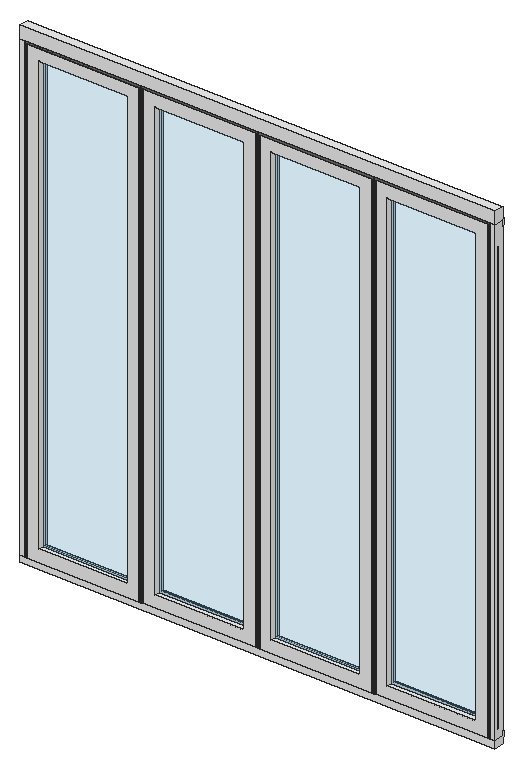
Revit family "98135", category Windows, host Wall, Revit 2018 (continued)
Definition of nested family "Left-Jamb_SL-60"
  Definition of nested family "Detailitem_LeftJamb-SL60"
    Lines and regions (in)
      model lines, in view "Ref. Level", visible <- "Half"
        curve 495: line (2.01969, -0.77559, 0) -> (1.92111, -0.7961, 0)
        curve 496: line (1.88976, -0.83465, 0) -> (1.88976, -0.87402, 0)
        curve 497: line (1.90945, -0.8937, 0) -> (1.92913, -0.8937, 0)
        curve 498: line (1.92913, -0.8937, 0) -> (1.92913, -0.83465, 0)
        curve 499: line (1.92913, -0.83465, 0) -> (1.98031, -0.83465, 0)
        curve 500: line (1.98031, -0.83465, 0) -> (1.98031, -0.87992, 0)
        curve 501: line (1.98031, -0.87992, 0) -> (2, -0.87992, 0)
        curve 502: line (2.01969, -0.86024, 0) -> (2.01969, -0.83465, 0)
        curve 503: line (2.01969, -0.83465, 0) -> (2.08661, -0.83465, 0)
        curve 504: line (2.08661, -0.83465, 0) -> (2.08661, -1.11024, 0)
        curve 505: line (2.08661, -1.11024, 0) -> (2.01969, -1.11024, 0)
        curve 506: line (2, -1.08465, 0) -> (1.98031, -1.08465, 0)
        curve 507: line (1.98031, -1.08465, 0) -> (1.98031, -1.12992, 0)
        curve 508: line (1.98031, -1.12992, 0) -> (1.92913, -1.12992, 0)
        curve 509: line (1.92913, -1.12992, 0) -> (1.92913, -1.07087, 0)
        curve 510: line (1.92913, -1.07087, 0) -> (1.90945, -1.07087, 0)
        curve 511: line (1.88976, -1.09055, 0) -> (1.88976, -1.16929, 0)
        curve 512: line (1.88976, -1.16929, 0) -> (3.46457, -1.16929, 0)
        curve 513: line (3.46457, -1.16929, 0) -> (3.46457, -1.12205, 0)
        curve 514: line (3.44488, -1.10236, 0) -> (3.34252, -1.10236, 0)
        curve 515: line (3.16929, -0.99901, 0) -> (3.16929, -0.93701, 0)
        curve 516: line (3.20866, -0.89764, 0) -> (3.25591, -0.89764, 0)
        curve 517: line (3.25591, -0.89764, 0) -> (3.25591, -0.92913, 0)
        curve 646: line (2.21068, -1.52205, 0) -> (2.19266, -1.47791, 0)
        curve 647: line (2.20479, -1.55615, 0) -> (2.21068, -1.52205, 0)
        curve 648: arc (1.68504, -1.22047, 0) -> (1.33442, -1.52365, 0) -> (1.5838, -1.91436, 0) r 0.35433
        curve 649: arc (1.75799, -1.92154, 0) -> (1.85379, -1.88637, 0) -> (1.93559, -1.82535, 0) r 0.35433
        curve 650: arc (1.73639, -1.92539, 0) -> (1.74062, -1.92475, 0) -> (1.74483, -1.92405, 0) r 0.35433
        curve 651: arc (1.65332, -1.92771, 0) -> (1.66133, -1.92834, 0) -> (1.66936, -1.92879, 0) r 0.35433
        curve 652: arc (1.84252, -1.22047, 0) -> (1.87036, -1.20894, 0) -> (1.88189, -1.1811, 0) r 0.03937
        curve 653: arc (1.37818, -1.75197, 0) -> (1.93559, -1.82535, 0) -> (1.8622, -1.26794, 0) r 0.35433
        curve 654: circle (1.68504, -1.5748, 0) r 0.15945 normal (0, 0, 1)
        curve 655: line (1.84252, -1.30204, 0) -> (1.8622, -1.27405, 0)
        curve 656: arc (1.48819, -1.18898, 0) -> (1.50211, -1.18321, 0) -> (1.50787, -1.16929, 0) r 0.01969
        curve 657: arc (1.08723, -1.18898, 0) -> (1.07018, -1.19882, 0) -> (1.07018, -1.2185, 0) r 0.01969
        curve 658: line (1.93559, -1.82535, 0) -> (2.59165, -1.16929, 0)
        curve 659: line (2.59165, -1.16929, 0) -> (1.88189, -1.16929, 0)
        curve 660: line (1.88189, -1.16929, 0) -> (1.88189, -1.1811, 0)
        curve 661: line (1.88189, -1.1811, 0) -> (2.19266, -1.47791, 0)
        curve 662: line (1.68504, -1.22047, 0) -> (1.84252, -1.22047, 0)
        curve 663: line (1.37818, -1.75197, 0) -> (1.07018, -1.2185, 0)
        curve 664: line (1.08723, -1.18898, 0) -> (1.48819, -1.18898, 0)
        curve 665: line (1.8622, -1.27405, 0) -> (1.8622, -1.16929, 0)
        curve 666: line (1.8622, -1.16929, 0) -> (1.50787, -1.16929, 0)
        curve 667: line (1.9626, -1.5748, 0) -> (1.40748, -1.5748, 0)
        curve 668: line (1.68504, -1.29724, 0) -> (1.68504, -1.85236, 0)
        curve 669: arc (1.29368, -1.09356, 0) -> (1.30472, -1.09821, 0) -> (1.31414, -1.09082, 0) r 0.01181
        curve 670: arc (1.31414, -0.87353, 0) -> (1.30472, -0.86614, 0) -> (1.29368, -0.87079, 0) r 0.01181
        curve 671: arc (1.65488, -1.08073, 0) -> (1.64296, -1.07275, 0) -> (1.63213, -1.08215, 0) r 0.01181
        curve 672: arc (1.63213, -0.8822, 0) -> (1.64296, -0.8916, 0) -> (1.65488, -0.88363, 0) r 0.01181
        curve 673: arc (1.68469, -1.07056, 0) -> (1.64099, -1.04132, 0) -> (1.60129, -1.07579, 0) r 0.04331
        curve 674: arc (1.60129, -0.88857, 0) -> (1.64099, -0.92304, 0) -> (1.68469, -0.89379, 0) r 0.04331
        curve 675: arc (1.72047, -1.16918, 0) -> (1.72882, -1.16573, 0) -> (1.73228, -1.15737, 0) r 0.01181
        curve 676: arc (1.68231, -1.16119, 0) -> (1.68662, -1.16698, 0) -> (1.69349, -1.16918, 0) r 0.01181
        curve 677: arc (1.76705, -0.99483, 0) -> (1.77165, -0.98218, 0) -> (1.76705, -0.96952, 0) r 0.01969
        curve 678: arc (1.73228, -0.80698, 0) -> (1.72882, -0.79863, 0) -> (1.72047, -0.79517, 0) r 0.01181
        curve 679: arc (1.69349, -0.79517, 0) -> (1.68662, -0.79738, 0) -> (1.68231, -0.80317, 0) r 0.01181
        curve 680: arc (1.42555, -0.89379, 0) -> (1.46924, -0.92304, 0) -> (1.50895, -0.88857, 0) r 0.04331
        curve 681: arc (1.4781, -1.08215, 0) -> (1.46727, -1.07275, 0) -> (1.45536, -1.08073, 0) r 0.01181
        curve 682: arc (1.50895, -1.07579, 0) -> (1.46924, -1.04132, 0) -> (1.42555, -1.07056, 0) r 0.04331
        curve 683: arc (1.60455, -1.16918, 0) -> (1.61201, -1.16653, 0) -> (1.61612, -1.15976, 0) r 0.01181
        curve 684: arc (1.49412, -1.15976, 0) -> (1.49823, -1.16653, 0) -> (1.50569, -1.16918, 0) r 0.01181
        curve 685: arc (1.41675, -1.16918, 0) -> (1.42362, -1.16698, 0) -> (1.42792, -1.16119, 0) r 0.01181
        curve 686: arc (1.37795, -1.15737, 0) -> (1.38141, -1.16573, 0) -> (1.38976, -1.16918, 0) r 0.01181
        curve 687: arc (1.33268, -1.05599, 0) -> (1.32941, -1.05568, 0) -> (1.32704, -1.05796, 0) r 0.00394
        curve 688: arc (1.32704, -0.9064, 0) -> (1.32941, -0.90868, 0) -> (1.33268, -0.90837, 0) r 0.00394
        curve 689: arc (1.33384, -1.01046, 0) -> (1.3549, -0.98218, 0) -> (1.33384, -0.95389, 0) r 0.02953
        curve 690: arc (1.45536, -0.88363, 0) -> (1.46727, -0.8916, 0) -> (1.4781, -0.8822, 0) r 0.01181
        curve 691: arc (1.61612, -0.80459, 0) -> (1.61201, -0.79782, 0) -> (1.60455, -0.79517, 0) r 0.01181
        curve 692: arc (1.50569, -0.79517, 0) -> (1.49823, -0.79782, 0) -> (1.49412, -0.80459, 0) r 0.01181
        curve 693: arc (1.42792, -0.80317, 0) -> (1.42362, -0.79738, 0) -> (1.41675, -0.79517, 0) r 0.01181
        curve 694: arc (1.38976, -0.79517, 0) -> (1.38141, -0.79863, 0) -> (1.37795, -0.80698, 0) r 0.01181
        curve 695: arc (1.29847, -0.9433, 0) -> (1.29137, -0.94341, 0) -> (1.28561, -0.94757, 0) r 0.01181
        curve 696: arc (1.28561, -1.01679, 0) -> (1.29137, -1.02095, 0) -> (1.29847, -1.02105, 0) r 0.01181
        curve 697: arc (1.22826, -0.95867, 0) -> (1.22047, -0.98218, 0) -> (1.22826, -1.00569, 0) r 0.03937
        curve 698: arc (1.72912, -0.89633, 0) -> (1.73211, -0.9114, 0) -> (1.74065, -0.92417, 0) r 0.03937
        curve 699: arc (1.83148, -1.06591, 0) -> (1.8445, -1.10148, 0) -> (1.87741, -1.12025, 0) r 0.05512
        curve 700: arc (1.89841, -0.93205, 0) -> (1.89006, -0.93551, 0) -> (1.8866, -0.94386, 0) r 0.01181
        curve 701: arc (1.8866, -1.0226, 0) -> (1.89006, -1.03095, 0) -> (1.89841, -1.03441, 0) r 0.01181
        curve 702: arc (1.95746, -0.94386, 0) -> (1.954, -0.93551, 0) -> (1.94565, -0.93205, 0) r 0.01181
        curve 703: arc (1.94565, -1.03441, 0) -> (1.954, -1.03095, 0) -> (1.95746, -1.0226, 0) r 0.01181
        curve 704: arc (1.9408, -1.08302, 0) -> (1.94666, -1.0893, 0) -> (1.95478, -1.08647, 0) r 0.00787
        curve 705: arc (1.83148, -1.03441, 0) -> (1.82047, -1.02263, 0) -> (1.80797, -1.03282, 0) r 0.01181
        curve 706: arc (1.77531, -0.9808, 0) -> (1.7736, -0.96292, 0) -> (1.76413, -0.94766, 0) r 0.03937
        curve 707: arc (1.87349, -0.79724, 0) -> (1.82365, -0.78286, 0) -> (1.77244, -0.77457, 0) r 0.43186
        curve 708: arc (1.95478, -0.87999, 0) -> (1.94666, -0.87716, 0) -> (1.9408, -0.88344, 0) r 0.00787
        curve 709: arc (1.77244, -0.77457, 0) -> (1.74208, -0.78454, 0) -> (1.72912, -0.81374, 0) r 0.03937
        curve 710: arc (1.8866, -0.81579, 0) -> (1.88299, -0.80443, 0) -> (1.87349, -0.79724, 0) r 0.01969
        curve 711: arc (1.75393, -1.07958, 0) -> (1.75976, -1.07805, 0) -> (1.76279, -1.07284, 0) r 0.00787
        curve 712: arc (1.74222, -1.07799, 0) -> (1.7364, -1.07953, 0) -> (1.73336, -1.08473, 0) r 0.00787
        curve 713: arc (1.73018, -1.10814, 0) -> (1.73171, -1.11397, 0) -> (1.73692, -1.117, 0) r 0.00787
        curve 714: arc (1.78763, -1.1239, 0) -> (1.79346, -1.12236, 0) -> (1.7965, -1.11716, 0) r 0.00787
        curve 715: arc (1.87741, -1.12025, 0) -> (1.88381, -1.1185, 0) -> (1.8866, -1.11249, 0) r 0.00787
        curve 716: arc (4.15873, 0.93408, 0) -> (4.16032, 0.89727, 0) -> (4.1686, 0.86136, 0) r 0.20101
        curve 717: arc (4.36904, 0.88229, 0) -> (4.34953, 0.93732, 0) -> (4.31661, 0.98554, 0) r 0.22677
        curve 718: arc (4.15873, 0.93408, 0) -> (4.15332, 0.94862, 0) -> (4.13907, 0.95472, 0) r 0.01969
        curve 719: arc (4.08806, 1.04001, 0) -> (4.12442, 1.04891, 0) -> (4.15256, 1.07359, 0) r 0.07874
        curve 720: arc (3.89318, 0.98425, 0) -> (3.90262, 0.96276, 0) -> (3.92467, 0.95472, 0) r 0.02987
        curve 721: arc (3.98419, 1.07359, 0) -> (4.01233, 1.04891, 0) -> (4.04869, 1.04001, 0) r 0.07874
        curve 722: arc (3.9775, 1.08315, 0) -> (3.96309, 1.09146, 0) -> (3.94746, 1.08577, 0) r 0.01969
        curve 723: arc (4.18929, 1.08577, 0) -> (4.17366, 1.09146, 0) -> (4.15925, 1.08315, 0) r 0.01969
        curve 724: arc (4.31661, 0.98554, 0) -> (4.31029, 0.99026, 0) -> (4.30263, 0.99211, 0) r 0.01969
        curve 725: arc (4.33055, 0.83465, 0) -> (4.36117, 0.84927, 0) -> (4.36904, 0.88229, 0) r 0.03937
        curve 726: arc (4.1686, 0.86136, 0) -> (4.18295, 0.84201, 0) -> (4.20588, 0.83465, 0) r 0.03937
        curve 727: arc (4.24321, -0.13796, 0) -> (4.22606, -0.11104, 0) -> (4.19775, -0.12578, 0) r 0.02362
        curve 728: arc (4.4168, -0.13386, 0) -> (4.39689, -0.11053, 0) -> (4.37072, -0.12652, 0) r 0.02362
        curve 729: arc (4.01114, -0.39896, 0) -> (3.98232, -0.37425, 0) -> (3.95617, -0.40177, 0) r 0.02756
        curve 730: arc (4.06641, -0.13386, 0) -> (4.04484, -0.11033, 0) -> (4.01952, -0.12976, 0) r 0.02362
        curve 731: arc (3.46457, -0.57556, 0) -> (3.47672, -0.59375, 0) -> (3.49817, -0.58948, 0) r 0.01969
        curve 732: arc (3.4761, -0.52804, 0) -> (3.46756, -0.54081, 0) -> (3.46457, -0.55588, 0) r 0.03937
        curve 733: line (1.33384, -0.95389, 0) -> (1.29847, -0.9433, 0)
        curve 734: line (1.29847, -1.02105, 0) -> (1.33384, -1.01046, 0)
        curve 735: line (1.68469, -1.07056, 0) -> (1.70079, -1.11777, 0)
        curve 736: line (1.70079, -1.11777, 0) -> (1.70079, -0.84658, 0)
        curve 737: line (1.70079, -0.84658, 0) -> (1.68469, -0.89379, 0)
        curve 738: line (1.76705, -0.96952, 0) -> (1.73228, -0.92809, 0)
        curve 739: line (1.73228, -0.92809, 0) -> (1.73228, -0.80698, 0)
        curve 740: line (1.65488, -1.08073, 0) -> (1.68231, -1.16119, 0)
        curve 741: line (1.73228, -1.15737, 0) -> (1.73228, -1.03626, 0)
        curve 742: line (1.73228, -1.03626, 0) -> (1.76705, -0.99483, 0)
        curve 743: line (1.69349, -1.16918, 0) -> (1.72047, -1.16918, 0)
        curve 744: line (1.72047, -0.79517, 0) -> (1.69349, -0.79517, 0)
        curve 745: line (1.68231, -0.80317, 0) -> (1.65488, -0.88363, 0)
        curve 746: line (1.32704, -0.9064, 0) -> (1.31414, -0.87353, 0)
        curve 747: line (1.42555, -0.89379, 0) -> (1.40945, -0.84658, 0)
        curve 748: line (1.40945, -0.84658, 0) -> (1.40945, -1.11777, 0)
        curve 749: line (1.40945, -1.11777, 0) -> (1.42555, -1.07056, 0)
        curve 750: line (1.4781, -1.08215, 0) -> (1.49412, -1.15976, 0)
        curve 751: line (1.50895, -1.07579, 0) -> (1.52172, -1.13769, 0)
        curve 752: line (1.52172, -1.13769, 0) -> (1.53937, -1.13769, 0)
        curve 753: line (1.53937, -1.13769, 0) -> (1.53937, -0.82667, 0)
        curve 754: line (1.53937, -0.82667, 0) -> (1.52172, -0.82667, 0)
        curve 755: line (1.52172, -0.82667, 0) -> (1.50895, -0.88857, 0)
        curve 756: line (1.61612, -1.15976, 0) -> (1.63213, -1.08215, 0)
        curve 757: line (1.50569, -1.16918, 0) -> (1.60455, -1.16918, 0)
        curve 758: line (1.42792, -1.16119, 0) -> (1.45536, -1.08073, 0)
        curve 759: line (1.38976, -1.16918, 0) -> (1.41675, -1.16918, 0)
        curve 760: line (1.33268, -1.05599, 0) -> (1.35827, -1.07076, 0)
        curve 761: line (1.35827, -1.07076, 0) -> (1.37795, -1.07076, 0)
        curve 762: line (1.37795, -1.07076, 0) -> (1.37795, -1.15737, 0)
        curve 763: line (1.31414, -1.09082, 0) -> (1.32704, -1.05796, 0)
        curve 764: line (1.60455, -0.79517, 0) -> (1.50569, -0.79517, 0)
        curve 765: line (1.60129, -0.88857, 0) -> (1.58851, -0.82667, 0)
        curve 766: line (1.58851, -0.82667, 0) -> (1.57087, -0.82667, 0)
        curve 767: line (1.57087, -0.82667, 0) -> (1.57087, -1.13769, 0)
        curve 768: line (1.57087, -1.13769, 0) -> (1.58851, -1.13769, 0)
        curve 769: line (1.58851, -1.13769, 0) -> (1.60129, -1.07579, 0)
        curve 770: line (1.63213, -0.8822, 0) -> (1.61612, -0.80459, 0)
        curve 771: line (1.49412, -0.80459, 0) -> (1.4781, -0.8822, 0)
        curve 772: line (1.41675, -0.79517, 0) -> (1.38976, -0.79517, 0)
        curve 773: line (1.45536, -0.88363, 0) -> (1.42792, -0.80317, 0)
        curve 774: line (1.37795, -0.80698, 0) -> (1.37795, -0.89359, 0)
        curve 775: line (1.37795, -0.89359, 0) -> (1.35827, -0.89359, 0)
        curve 776: line (1.35827, -0.89359, 0) -> (1.33268, -0.90837, 0)
        curve 777: line (1.29368, -0.87079, 0) -> (1.22826, -0.95867, 0)
        curve 778: line (1.22826, -1.00569, 0) -> (1.29368, -1.09356, 0)
        curve 779: line (1.28561, -0.94757, 0) -> (1.25984, -0.98218, 0)
        curve 780: line (1.25984, -0.98218, 0) -> (1.28561, -1.01679, 0)
        curve 781: line (1.95478, -0.87999, 0) -> (1.98896, -0.92417, 0)
        curve 782: line (1.98896, -0.92417, 0) -> (1.98896, -1.04228, 0)
        curve 783: line (1.98896, -1.04228, 0) -> (1.95478, -1.08647, 0)
        curve 784: line (1.8866, -0.81579, 0) -> (1.8866, -0.90055, 0)
        curve 785: line (1.8866, -0.90055, 0) -> (1.93778, -0.90055, 0)
        curve 786: line (1.93778, -0.90055, 0) -> (1.9408, -0.88344, 0)
        curve 787: line (1.80797, -1.03282, 0) -> (1.7965, -1.11716, 0)
        curve 788: line (1.8866, -1.0226, 0) -> (1.8866, -0.94386, 0)
        curve 789: line (1.9408, -1.08302, 0) -> (1.93778, -1.06591, 0)
        curve 790: line (1.93778, -1.06591, 0) -> (1.8866, -1.06591, 0)
        curve 791: line (1.8866, -1.06591, 0) -> (1.8866, -1.11249, 0)
        curve 792: line (1.95746, -0.94386, 0) -> (1.95746, -1.0226, 0)
        curve 793: line (1.89841, -0.93205, 0) -> (1.94565, -0.93205, 0)
        curve 794: line (1.94565, -1.03441, 0) -> (1.89841, -1.03441, 0)
        curve 795: line (1.83148, -1.06591, 0) -> (1.83148, -1.03441, 0)
        curve 796: line (1.76413, -0.94766, 0) -> (1.74065, -0.92417, 0)
        curve 797: line (1.73018, -1.10814, 0) -> (1.73336, -1.08473, 0)
        curve 798: line (1.76279, -1.07284, 0) -> (1.77531, -0.9808, 0)
        curve 799: line (1.74222, -1.07799, 0) -> (1.75393, -1.07958, 0)
        curve 800: line (1.78763, -1.1239, 0) -> (1.73692, -1.117, 0)
        curve 801: line (1.72912, -0.89633, 0) -> (1.72912, -0.81374, 0)
        curve 802: line (3.94746, 1.08577, 0) -> (3.89318, 1.0315, 0)
        curve 803: line (3.89318, 1.0315, 0) -> (3.92467, 1.0315, 0)
        curve 804: line (3.92467, 1.0315, 0) -> (3.92467, 0.99213, 0)
        curve 805: line (3.92467, 0.99213, 0) -> (3.89318, 0.99213, 0)
        curve 806: line (3.89318, 0.99213, 0) -> (3.89318, 0.98425, 0)
        curve 807: line (3.98419, 1.07359, 0) -> (3.9775, 1.08315, 0)
        curve 808: line (4.08806, 1.04001, 0) -> (4.04869, 1.04001, 0)
        curve 809: line (3.92467, 0.95472, 0) -> (4.13907, 0.95472, 0)
        curve 810: line (4.30263, 0.99213, 0) -> (4.2042, 0.99213, 0)
        curve 811: line (4.2042, 0.99213, 0) -> (4.2042, 1.0315, 0)
        curve 812: line (4.2042, 1.0315, 0) -> (4.24357, 1.0315, 0)
        curve 813: line (4.24357, 1.0315, 0) -> (4.18929, 1.08577, 0)
        curve 814: line (4.15925, 1.08315, 0) -> (4.15256, 1.07359, 0)
        curve 815: line (4.33055, 0.83465, 0) -> (4.20588, 0.83465, 0)
        curve 816: line (3.4761, -0.52804, 0) -> (3.66142, -0.34272, 0)
        curve 817: line (3.66142, -0.34272, 0) -> (3.98128, -0.34272, 0)
        curve 818: line (3.98128, -0.34272, 0) -> (4.01952, -0.12976, 0)
        curve 819: line (3.95617, -0.40177, 0) -> (3.77984, -0.40177, 0)
        curve 820: line (4.24321, -0.13796, 0) -> (4.20645, -0.34252, 0)
        curve 821: line (4.20645, -0.34252, 0) -> (4.29887, -0.34252, 0)
        curve 822: line (4.29887, -0.34252, 0) -> (4.37072, -0.12652, 0)
        curve 823: line (4.4168, -0.13386, 0) -> (4.4168, -0.19291, 0)
        curve 824: line (4.4168, -0.19291, 0) -> (4.37743, -0.4659, 0)
        curve 825: line (4.37743, -0.4659, 0) -> (4.31837, -0.5, 0)
        curve 826: line (4.31837, -0.5, 0) -> (4.31837, -0.42126, 0)
        curve 827: line (4.31837, -0.42126, 0) -> (4.21995, -0.42126, 0)
        curve 828: line (4.21995, -0.42126, 0) -> (4.21995, -0.46063, 0)
        curve 829: line (4.21995, -0.46063, 0) -> (4.20026, -0.46063, 0)
        curve 830: line (4.20026, -0.46063, 0) -> (4.01114, -0.39896, 0)
        curve 831: line (4.06641, -0.13386, 0) -> (4.06641, -0.34252, 0)
        curve 832: line (4.06641, -0.34252, 0) -> (4.11743, -0.34252, 0)
        curve 833: line (4.11743, -0.34252, 0) -> (4.19775, -0.12578, 0)
        curve 834: line (3.66639, -0.42126, 0) -> (3.49817, -0.58948, 0)
        curve 835: line (3.46457, -0.57556, 0) -> (3.46457, -0.55588, 0)
        curve 836: line (2.47198, 1.27953, 0) -> (2.28301, 1.27953, 0)
        curve 837: line (2.28301, 1.27953, 0) -> (2.28301, 1.3189, 0)
        curve 838: line (2.28301, 1.3189, 0) -> (2.47198, 1.3189, 0)
        curve 839: line (2.47198, 1.3189, 0) -> (2.47198, 1.27953, 0)
        curve 840: line (2.37749, 1.16142, 0) -> (2.37749, 1.27953, 0)
        curve 841: line (2.37749, 1.27953, 0) -> (2.35667, 1.16142, 0)
        curve 842: line (2.33752, 1.27953, 0) -> (2.31669, 1.16142, 0)
        curve 843: line (2.35751, 1.27953, 0) -> (2.33668, 1.16142, 0)
        curve 844: line (2.37749, 1.27953, 0) -> (2.39832, 1.16142, 0)
        curve 845: line (2.39748, 1.27953, 0) -> (2.41831, 1.16142, 0)
        curve 846: line (2.41747, 1.27953, 0) -> (2.4383, 1.16142, 0)
      model lines, in view "Ref. Level"
        curve 59: arc (0.95947, 0.25306, 0) -> (0.97655, 0.25645, 0) -> (0.98425, 0.27207, 0) r 0.01969
        curve 60: arc (0.86959, 0.2874, 0) -> (0.86913, 0.28045, 0) -> (0.87437, 0.27586, 0) r 0.00787
        curve 61: arc (0.92414, 0.38189, 0) -> (0.92414, 0.38976, 0) -> (0.91732, 0.3937, 0) r 0.00787
        curve 62: arc (0.73622, 0.3937, 0) -> (0.7294, 0.38976, 0) -> (0.7294, 0.38189, 0) r 0.00787
        curve 63: arc (0.77714, 0.27559, 0) -> (0.78395, 0.27953, 0) -> (0.78395, 0.2874, 0) r 0.00787
        curve 64: arc (0.68849, 0.29528, 0) -> (0.7029, 0.28087, 0) -> (0.72258, 0.27559, 0) r 0.03937
        curve 65: arc (0.29317, 0.27559, 0) -> (0.31285, 0.28087, 0) -> (0.32726, 0.29528, 0) r 0.03937
        curve 66: arc (0.23179, 0.2874, 0) -> (0.23179, 0.27953, 0) -> (0.23861, 0.27559, 0) r 0.00787
        curve 67: arc (0.28635, 0.38189, 0) -> (0.28635, 0.38976, 0) -> (0.27953, 0.3937, 0) r 0.00787
        curve 68: arc (0.09843, 0.3937, 0) -> (0.09161, 0.38976, 0) -> (0.09161, 0.38189, 0) r 0.00787
        curve 69: arc (0.14138, 0.27586, 0) -> (0.14661, 0.28045, 0) -> (0.14616, 0.2874, 0) r 0.00787
        curve 70: arc (0.0315, 0.27207, 0) -> (0.0392, 0.25645, 0) -> (0.05628, 0.25306, 0) r 0.01969
        curve 71: arc (0, 0.4252, 0) -> (0.00922, 0.40293, 0) -> (0.0315, 0.3937, 0) r 0.0315
        curve 72: arc (0.98425, -0.27207, 0) -> (0.97655, -0.25645, 0) -> (0.95947, -0.25306, 0) r 0.01969
        curve 73: arc (0.87437, -0.27586, 0) -> (0.86913, -0.28045, 0) -> (0.86959, -0.2874, 0) r 0.00787
        curve 74: arc (0.91732, -0.3937, 0) -> (0.92414, -0.38976, 0) -> (0.92414, -0.38189, 0) r 0.00787
        curve 75: arc (0.7294, -0.38189, 0) -> (0.7294, -0.38976, 0) -> (0.73622, -0.3937, 0) r 0.00787
        curve 76: arc (0.78395, -0.2874, 0) -> (0.78395, -0.27953, 0) -> (0.77714, -0.27559, 0) r 0.00787
        curve 77: arc (0.72258, -0.27559, 0) -> (0.7029, -0.28087, 0) -> (0.68849, -0.29528, 0) r 0.03937
        curve 78: arc (0.32726, -0.29528, 0) -> (0.31285, -0.28087, 0) -> (0.29317, -0.27559, 0) r 0.03937
        curve 79: arc (0.23861, -0.27559, 0) -> (0.23179, -0.27953, 0) -> (0.23179, -0.2874, 0) r 0.00787
        curve 80: arc (0.27953, -0.3937, 0) -> (0.28635, -0.38976, 0) -> (0.28635, -0.38189, 0) r 0.00787
        curve 81: arc (0.09161, -0.38189, 0) -> (0.09161, -0.38976, 0) -> (0.09843, -0.3937, 0) r 0.00787
        curve 82: arc (0.14616, -0.2874, 0) -> (0.14661, -0.28045, 0) -> (0.14138, -0.27586, 0) r 0.00787
        curve 83: arc (0.05628, -0.25306, 0) -> (0.0392, -0.25645, 0) -> (0.0315, -0.27207, 0) r 0.01969
        curve 84: arc (0.0315, -0.3937, 0) -> (0.00922, -0.40293, 0) -> (0, -0.4252, 0) r 0.0315
        curve 85: arc (0.13976, 0.26106, 0) -> (0.14697, 0.26827, 0) -> (0.14961, 0.27811, 0) r 0.01969
        curve 86: arc (0.14961, -0.27811, 0) -> (0.14697, -0.26827, 0) -> (0.13976, -0.26106, 0) r 0.01969
        curve 87: arc (0.11909, 0.16275, 0) -> (0.10468, 0.14834, 0) -> (0.09941, 0.12866, 0) r 0.03937
        curve 88: arc (0.09941, -0.12866, 0) -> (0.10468, -0.14834, 0) -> (0.11909, -0.16275, 0) r 0.03937
        curve 89: arc (0.10531, -0.38583, 0) -> (0.10762, -0.39139, 0) -> (0.11319, -0.3937, 0) r 0.00787
        curve 90: arc (0.26476, -0.3937, 0) -> (0.27033, -0.39139, 0) -> (0.27264, -0.38583, 0) r 0.00787
        curve 91: arc (0.22835, -0.24856, 0) -> (0.22307, -0.22888, 0) -> (0.20866, -0.21447, 0) r 0.03937
        curve 92: arc (0.20866, 0.21447, 0) -> (0.22307, 0.22888, 0) -> (0.22835, 0.24856, 0) r 0.03937
        curve 93: arc (0.27264, 0.38583, 0) -> (0.27033, 0.39139, 0) -> (0.26476, 0.3937, 0) r 0.00787
        curve 94: arc (0.11319, 0.3937, 0) -> (0.10762, 0.39139, 0) -> (0.10531, 0.38583, 0) r 0.00787
        curve 95: arc (0.0315, -0.18549, 0) -> (0.03413, -0.19533, 0) -> (0.04134, -0.20253, 0) r 0.01969
        curve 96: arc (0.04134, 0.20253, 0) -> (0.03413, 0.19533, 0) -> (0.0315, 0.18549, 0) r 0.01969
        curve 97: arc (0.87598, -0.26106, 0) -> (0.86878, -0.26827, 0) -> (0.86614, -0.27811, 0) r 0.01969
        curve 98: arc (0.86614, 0.27811, 0) -> (0.86878, 0.26827, 0) -> (0.87598, 0.26106, 0) r 0.01969
        curve 99: arc (0.89665, -0.16275, 0) -> (0.91106, -0.14834, 0) -> (0.91634, -0.12866, 0) r 0.03937
        curve 100: arc (0.91634, 0.12866, 0) -> (0.91106, 0.14834, 0) -> (0.89665, 0.16275, 0) r 0.03937
        curve 101: arc (0.91043, 0.38583, 0) -> (0.90813, 0.39139, 0) -> (0.90256, 0.3937, 0) r 0.00787
        curve 102: arc (0.75098, 0.3937, 0) -> (0.74542, 0.39139, 0) -> (0.74311, 0.38583, 0) r 0.00787
        curve 103: arc (0.7874, 0.24856, 0) -> (0.79268, 0.22888, 0) -> (0.80709, 0.21447, 0) r 0.03937
        curve 104: arc (0.80709, -0.21447, 0) -> (0.79268, -0.22888, 0) -> (0.7874, -0.24856, 0) r 0.03937
        curve 105: arc (0.74311, -0.38583, 0) -> (0.74542, -0.39139, 0) -> (0.75098, -0.3937, 0) r 0.00787
        curve 106: arc (0.90256, -0.3937, 0) -> (0.90813, -0.39139, 0) -> (0.91043, -0.38583, 0) r 0.00787
        curve 107: arc (0.98425, 0.18549, 0) -> (0.98161, 0.19533, 0) -> (0.97441, 0.20253, 0) r 0.01969
        curve 108: arc (0.97441, -0.20253, 0) -> (0.98161, -0.19533, 0) -> (0.98425, -0.18549, 0) r 0.01969
        curve 157: arc (0.98425, -0.27207, 0) -> (0.97655, -0.25645, 0) -> (0.95947, -0.25306, 0) r 0.01969
        curve 158: arc (0.87437, -0.27586, 0) -> (0.86913, -0.28045, 0) -> (0.86959, -0.2874, 0) r 0.00787
        curve 159: arc (0.91732, -0.3937, 0) -> (0.92414, -0.38976, 0) -> (0.92414, -0.38189, 0) r 0.00787
        curve 160: arc (0.7294, -0.38189, 0) -> (0.7294, -0.38976, 0) -> (0.73622, -0.3937, 0) r 0.00787
        curve 161: arc (0.78395, -0.2874, 0) -> (0.78395, -0.27953, 0) -> (0.77714, -0.27559, 0) r 0.00787
        curve 162: arc (0.72258, -0.27559, 0) -> (0.7029, -0.28087, 0) -> (0.68849, -0.29528, 0) r 0.03937
        curve 163: arc (0.32726, -0.29528, 0) -> (0.31285, -0.28087, 0) -> (0.29317, -0.27559, 0) r 0.03937
        curve 164: arc (0.23861, -0.27559, 0) -> (0.23179, -0.27953, 0) -> (0.23179, -0.2874, 0) r 0.00787
        curve 165: arc (0.27953, -0.3937, 0) -> (0.28635, -0.38976, 0) -> (0.28635, -0.38189, 0) r 0.00787
        curve 166: arc (0.09161, -0.38189, 0) -> (0.09161, -0.38976, 0) -> (0.09843, -0.3937, 0) r 0.00787
        curve 167: arc (0.14616, -0.2874, 0) -> (0.14661, -0.28045, 0) -> (0.14138, -0.27586, 0) r 0.00787
        curve 168: arc (0.05628, -0.25306, 0) -> (0.0392, -0.25645, 0) -> (0.0315, -0.27207, 0) r 0.01969
        curve 169: arc (0.0315, -0.3937, 0) -> (0.00922, -0.40293, 0) -> (0, -0.4252, 0) r 0.0315
        curve 170: arc (1.37795, -1.09055, 0) -> (1.37219, -1.07663, 0) -> (1.35827, -1.07087, 0) r 0.01969
        curve 171: arc (1.35827, -0.8937, 0) -> (1.37219, -0.88794, 0) -> (1.37795, -0.87402, 0) r 0.01969
        curve 172: arc (1.8821, -0.74443, 0) -> (1.91589, -0.72387, 0) -> (1.92913, -0.68661, 0) r 0.05906
        curve 173: arc (1.92913, -0.6811, 0) -> (1.92567, -0.67275, 0) -> (1.91732, -0.66929, 0) r 0.01181
        curve 174: arc (1.88189, -0.66929, 0) -> (1.87354, -0.67275, 0) -> (1.87008, -0.6811, 0) r 0.01181
        curve 175: arc (1.56446, -0.60956, 0) -> (1.57185, -0.60566, 0) -> (1.5748, -0.59784, 0) r 0.01181
        curve 176: arc (1.5748, -0.54389, 0) -> (1.57185, -0.53607, 0) -> (1.56446, -0.53217, 0) r 0.01181
        curve 177: arc (1.77559, -0.46457, 0) -> (1.81102, -0.42913, 0) -> (1.77559, -0.3937, 0) r 0.03543
        curve 178: arc (0.98819, -0.82677, 0) -> (0.94086, -0.84637, 0) -> (0.92126, -0.8937, 0) r 0.06693
        curve 179: arc (1.37795, -0.70866, 0) -> (1.33063, -0.72826, 0) -> (1.31102, -0.77559, 0) r 0.06693
        curve 180: arc (0.94094, -0.56693, 0) -> (0.96878, -0.5554, 0) -> (0.98031, -0.52756, 0) r 0.03937
        curve 181: arc (2.29921, 1.22835, 0) -> (2.31313, 1.23411, 0) -> (2.3189, 1.24803, 0) r 0.01969
        curve 182: arc (1.74803, 1.2874, 0) -> (1.76533, 1.24564, 0) -> (1.80709, 1.22835, 0) r 0.05906
        curve 183: arc (1.33858, 1.35039, 0) -> (1.22723, 1.30427, 0) -> (1.1811, 1.19291, 0) r 0.15748
        curve 184: arc (1.92913, 0.68661, 0) -> (1.91589, 0.72387, 0) -> (1.8821, 0.74443, 0) r 0.05906
        curve 185: arc (1.91732, 0.66929, 0) -> (1.92567, 0.67275, 0) -> (1.92913, 0.6811, 0) r 0.01181
        curve 186: arc (1.87008, 0.6811, 0) -> (1.87354, 0.67275, 0) -> (1.88189, 0.66929, 0) r 0.01181
        curve 187: arc (1.5748, 0.59784, 0) -> (1.57185, 0.60566, 0) -> (1.56446, 0.60956, 0) r 0.01181
        curve 188: arc (1.56446, 0.53217, 0) -> (1.57185, 0.53607, 0) -> (1.5748, 0.54389, 0) r 0.01181
        curve 189: arc (1.77559, 0.3937, 0) -> (1.81102, 0.42913, 0) -> (1.77559, 0.46457, 0) r 0.03543
        curve 190: arc (0.95947, 0.25306, 0) -> (0.97655, 0.25645, 0) -> (0.98425, 0.27207, 0) r 0.01969
        curve 191: arc (0.86959, 0.2874, 0) -> (0.86913, 0.28045, 0) -> (0.87437, 0.27586, 0) r 0.00787
        curve 192: arc (0.92414, 0.38189, 0) -> (0.92414, 0.38976, 0) -> (0.91732, 0.3937, 0) r 0.00787
        curve 193: arc (0.73622, 0.3937, 0) -> (0.7294, 0.38976, 0) -> (0.7294, 0.38189, 0) r 0.00787
        curve 194: arc (0.77714, 0.27559, 0) -> (0.78395, 0.27953, 0) -> (0.78395, 0.2874, 0) r 0.00787
        curve 195: arc (0.68849, 0.29528, 0) -> (0.7029, 0.28087, 0) -> (0.72258, 0.27559, 0) r 0.03937
        curve 196: arc (0.29317, 0.27559, 0) -> (0.31285, 0.28087, 0) -> (0.32726, 0.29528, 0) r 0.03937
        curve 197: arc (0.23179, 0.2874, 0) -> (0.23179, 0.27953, 0) -> (0.23861, 0.27559, 0) r 0.00787
        curve 198: arc (0.28635, 0.38189, 0) -> (0.28635, 0.38976, 0) -> (0.27953, 0.3937, 0) r 0.00787
        curve 199: arc (0.09843, 0.3937, 0) -> (0.09161, 0.38976, 0) -> (0.09161, 0.38189, 0) r 0.00787
        curve 200: arc (0.14138, 0.27586, 0) -> (0.14661, 0.28045, 0) -> (0.14616, 0.2874, 0) r 0.00787
        curve 201: arc (0.0315, 0.27207, 0) -> (0.0392, 0.25645, 0) -> (0.05628, 0.25306, 0) r 0.01969
        curve 202: arc (0, 0.4252, 0) -> (0.00922, 0.40293, 0) -> (0.0315, 0.3937, 0) r 0.0315
        curve 203: arc (1.06299, 1.15354, 0) -> (1.09083, 1.16507, 0) -> (1.10236, 1.19291, 0) r 0.03937
        curve 204: arc (1.33858, 1.42913, 0) -> (1.17155, 1.35995, 0) -> (1.10236, 1.19291, 0) r 0.23622
        curve 205: arc (2.55898, 1.24978, 0) -> (2.49577, 1.37753, 0) -> (2.36291, 1.42913, 0) r 0.19685
        curve 206: arc (2.53937, 1.22835, 0) -> (2.55389, 1.23475, 0) -> (2.55898, 1.24978, 0) r 0.01969
        curve 207: arc (2.44094, 1.24803, 0) -> (2.44671, 1.23411, 0) -> (2.46063, 1.22835, 0) r 0.01969
        curve 208: arc (0.98031, 0.51181, 0) -> (0.96878, 0.53965, 0) -> (0.94094, 0.55118, 0) r 0.03937
        curve 209: arc (1.11417, 0.77559, 0) -> (1.13378, 0.72826, 0) -> (1.1811, 0.70866, 0) r 0.06693
        curve 210: arc (0.94094, 0.97638, 0) -> (0.96878, 0.98791, 0) -> (0.98031, 1.01575, 0) r 0.03937
        curve 331: line (0.0315, 0.3937, 0) -> (0.0315, 0.27207, 0)
        curve 332: line (0.0315, 0.27207, 0) -> (0.0315, 0.3937, 0)
        curve 333: line (0.28635, 0.38189, 0) -> (0.23179, 0.2874, 0)
        curve 334: line (0.23179, 0.2874, 0) -> (0.28635, 0.38189, 0)
        curve 335: line (0.32726, 0.29528, 0) -> (0.38409, 0.3937, 0)
        curve 336: line (0.38409, 0.3937, 0) -> (0.63166, 0.3937, 0)
        curve 337: line (0.63166, 0.3937, 0) -> (0.68849, 0.29528, 0)
        curve 338: line (0.68849, 0.29528, 0) -> (0.63166, 0.3937, 0)
        curve 339: line (0.63166, 0.3937, 0) -> (0.38409, 0.3937, 0)
        curve 340: line (0.38409, 0.3937, 0) -> (0.32726, 0.29528, 0)
        curve 341: line (0.92414, 0.38189, 0) -> (0.86959, 0.2874, 0)
        curve 342: line (0.86959, 0.2874, 0) -> (0.92414, 0.38189, 0)
        curve 343: line (0.05628, 0.25306, 0) -> (0.14138, 0.27586, 0)
        curve 344: line (0.14138, 0.27586, 0) -> (0.05628, 0.25306, 0)
        curve 345: line (0.73622, 0.3937, 0) -> (0.91732, 0.3937, 0)
        curve 346: line (0.91732, 0.3937, 0) -> (0.73622, 0.3937, 0)
        curve 347: line (0.09843, 0.3937, 0) -> (0.27953, 0.3937, 0)
        curve 348: line (0.27953, 0.3937, 0) -> (0.09843, 0.3937, 0)
        curve 349: line (1.77559, 0.3937, 0) -> (0.98425, 0.3937, 0)
        curve 350: line (0.98425, 0.3937, 0) -> (0.98425, 0.27207, 0)
        curve 351: line (0.98425, 0.27207, 0) -> (0.98425, 0.3937, 0)
        curve 352: line (0.72258, 0.27559, 0) -> (0.77714, 0.27559, 0)
        curve 353: line (0.77714, 0.27559, 0) -> (0.72258, 0.27559, 0)
        curve 354: line (0.23861, 0.27559, 0) -> (0.29317, 0.27559, 0)
        curve 355: line (0.29317, 0.27559, 0) -> (0.23861, 0.27559, 0)
        curve 356: line (0.87437, 0.27586, 0) -> (0.95947, 0.25306, 0)
        curve 357: line (0.95947, 0.25306, 0) -> (0.87437, 0.27586, 0)
        curve 358: line (0.78395, 0.2874, 0) -> (0.7294, 0.38189, 0)
        curve 359: line (0.7294, 0.38189, 0) -> (0.78395, 0.2874, 0)
        curve 360: line (0.14616, 0.2874, 0) -> (0.09161, 0.38189, 0)
        curve 361: line (0.09161, 0.38189, 0) -> (0.14616, 0.2874, 0)
        curve 362: line (0.0315, -0.3937, 0) -> (0.0315, -0.27207, 0)
        curve 363: line (0.0315, -0.27207, 0) -> (0.0315, -0.3937, 0)
        curve 364: line (0.14616, -0.2874, 0) -> (0.09161, -0.38189, 0)
        curve 365: line (0.09161, -0.38189, 0) -> (0.14616, -0.2874, 0)
        curve 366: line (1.77559, -0.3937, 0) -> (0.98425, -0.3937, 0)
        curve 367: line (0.98425, -0.3937, 0) -> (0.98425, -0.27207, 0)
        curve 368: line (0.98425, -0.27207, 0) -> (0.98425, -0.3937, 0)
        curve 369: line (0.32726, -0.29528, 0) -> (0.38409, -0.3937, 0)
        curve 370: line (0.38409, -0.3937, 0) -> (0.63166, -0.3937, 0)
        curve 371: line (0.63166, -0.3937, 0) -> (0.68849, -0.29528, 0)
        curve 372: line (0.68849, -0.29528, 0) -> (0.63166, -0.3937, 0)
        curve 373: line (0.63166, -0.3937, 0) -> (0.38409, -0.3937, 0)
        curve 374: line (0.38409, -0.3937, 0) -> (0.32726, -0.29528, 0)
        curve 375: line (0.78395, -0.2874, 0) -> (0.7294, -0.38189, 0)
        curve 376: line (0.7294, -0.38189, 0) -> (0.78395, -0.2874, 0)
        curve 377: line (0.87437, -0.27586, 0) -> (0.95947, -0.25306, 0)
        curve 378: line (0.95947, -0.25306, 0) -> (0.87437, -0.27586, 0)
        curve 379: line (0.72258, -0.27559, 0) -> (0.77714, -0.27559, 0)
        curve 380: line (0.77714, -0.27559, 0) -> (0.72258, -0.27559, 0)
        curve 381: line (0.23861, -0.27559, 0) -> (0.29317, -0.27559, 0)
        curve 382: line (0.29317, -0.27559, 0) -> (0.23861, -0.27559, 0)
        curve 383: line (0.73622, -0.3937, 0) -> (0.91732, -0.3937, 0)
        curve 384: line (0.91732, -0.3937, 0) -> (0.73622, -0.3937, 0)
        curve 385: line (0.09843, -0.3937, 0) -> (0.27953, -0.3937, 0)
        curve 386: line (0.27953, -0.3937, 0) -> (0.09843, -0.3937, 0)
        curve 387: line (0.92414, -0.38189, 0) -> (0.86959, -0.2874, 0)
        curve 388: line (0.86959, -0.2874, 0) -> (0.92414, -0.38189, 0)
        curve 389: line (0.05628, -0.25306, 0) -> (0.14138, -0.27586, 0)
        curve 390: line (0.14138, -0.27586, 0) -> (0.05628, -0.25306, 0)
        curve 391: line (0.28635, -0.38189, 0) -> (0.23179, -0.2874, 0)
        curve 392: line (0.23179, -0.2874, 0) -> (0.28635, -0.38189, 0)
        curve 393: line (0.0315, 0.18549, 0) -> (0.0315, -0.18549, 0)
        curve 394: line (0.09941, -0.12866, 0) -> (0.09941, 0.12866, 0)
        curve 395: line (0.10531, 0.38583, 0) -> (0.10531, 0.36457, 0)
        curve 396: line (0.10531, 0.36457, 0) -> (0.14961, 0.28785, 0)
        curve 397: line (0.14961, 0.28785, 0) -> (0.14961, 0.27811, 0)
        curve 398: line (0.14961, -0.27811, 0) -> (0.14961, -0.28785, 0)
        curve 399: line (0.14961, -0.28785, 0) -> (0.10531, -0.36457, 0)
        curve 400: line (0.10531, -0.36457, 0) -> (0.10531, -0.38583, 0)
        curve 401: line (0.27264, -0.38583, 0) -> (0.27264, -0.36457, 0)
        curve 402: line (0.27264, -0.36457, 0) -> (0.22835, -0.28785, 0)
        curve 403: line (0.22835, -0.28785, 0) -> (0.22835, -0.24856, 0)
        curve 404: line (0.22835, 0.24856, 0) -> (0.22835, 0.28785, 0)
        curve 405: line (0.22835, 0.28785, 0) -> (0.27264, 0.36457, 0)
        curve 406: line (0.27264, 0.36457, 0) -> (0.27264, 0.38583, 0)
        curve 407: line (0.13976, 0.26106, 0) -> (0.04134, 0.20253, 0)
        curve 408: line (0.11909, 0.16275, 0) -> (0.20866, 0.21447, 0)
        curve 409: line (0.26476, 0.3937, 0) -> (0.11319, 0.3937, 0)
        curve 410: line (0.11319, -0.3937, 0) -> (0.26476, -0.3937, 0)
        curve 411: line (0.20866, -0.21447, 0) -> (0.11909, -0.16275, 0)
        curve 412: line (0.04134, -0.20253, 0) -> (0.13976, -0.26106, 0)
        curve 413: line (0.74311, 0.38583, 0) -> (0.74311, 0.36457, 0)
        curve 414: line (0.74311, 0.36457, 0) -> (0.7874, 0.28785, 0)
        curve 415: line (0.7874, 0.28785, 0) -> (0.7874, 0.24856, 0)
        curve 416: line (0.7874, -0.24856, 0) -> (0.7874, -0.28785, 0)
        curve 417: line (0.7874, -0.28785, 0) -> (0.74311, -0.36457, 0)
        curve 418: line (0.74311, -0.36457, 0) -> (0.74311, -0.38583, 0)
        curve 419: line (0.91043, -0.38583, 0) -> (0.91043, -0.36457, 0)
        curve 420: line (0.91043, -0.36457, 0) -> (0.86614, -0.28785, 0)
        curve 421: line (0.86614, -0.28785, 0) -> (0.86614, -0.27811, 0)
        curve 422: line (0.86614, 0.27811, 0) -> (0.86614, 0.28785, 0)
        curve 423: line (0.86614, 0.28785, 0) -> (0.91043, 0.36457, 0)
        curve 424: line (0.91043, 0.36457, 0) -> (0.91043, 0.38583, 0)
        curve 425: line (0.91634, 0.12866, 0) -> (0.91634, -0.12866, 0)
        curve 426: line (0.90256, 0.3937, 0) -> (0.75098, 0.3937, 0)
        curve 427: line (0.98425, -0.18549, 0) -> (0.98425, 0.18549, 0)
        curve 428: line (0.97441, 0.20253, 0) -> (0.87598, 0.26106, 0)
        curve 429: line (0.89665, -0.16275, 0) -> (0.80709, -0.21447, 0)
        curve 430: line (0.87598, -0.26106, 0) -> (0.97441, -0.20253, 0)
        curve 431: line (0.80709, 0.21447, 0) -> (0.89665, 0.16275, 0)
        curve 432: line (0.75098, -0.3937, 0) -> (0.90256, -0.3937, 0)
        curve 518: line (0, -0.4252, 0) -> (0, -0.60229, 0)
        curve 519: line (0, -0.60229, 0) -> (0.05906, -0.61811, 0)
        curve 520: line (0.05906, -0.61811, 0) -> (0.05906, -0.47244, 0)
        curve 521: line (0.05906, -0.47244, 0) -> (0.19685, -0.47244, 0)
        curve 522: line (0.19685, -0.47244, 0) -> (0.19685, -0.7945, 0)
        curve 523: line (0.19685, -0.7945, 0) -> (0.20866, -0.81496, 0)
        curve 524: line (0.20866, -0.81496, 0) -> (0.19685, -0.83542, 0)
        curve 525: line (0.19685, -0.83542, 0) -> (0.19685, -1.09055, 0)
        curve 526: line (0.19685, -1.09055, 0) -> (0.05906, -1.09055, 0)
        curve 527: line (0.05906, -1.09055, 0) -> (0.05906, -1.01181, 0)
        curve 528: line (0.05906, -1.01181, 0) -> (0, -1.02763, 0)
        curve 529: line (0, -1.02763, 0) -> (0, -1.16929, 0)
        curve 530: line (0, -1.16929, 0) -> (1.37795, -1.16929, 0)
        curve 531: line (1.37795, -1.16929, 0) -> (1.37795, -1.09055, 0)
        curve 532: line (1.35827, -1.07087, 0) -> (1.33858, -1.07087, 0)
        curve 533: line (1.33858, -1.07087, 0) -> (1.33858, -1.11024, 0)
        curve 534: line (1.33858, -1.11024, 0) -> (1.27953, -1.11024, 0)
        curve 535: line (1.27953, -1.11024, 0) -> (1.24016, -1.07087, 0)
        curve 536: line (1.24016, -1.07087, 0) -> (0.98819, -1.07087, 0)
        curve 537: line (0.98819, -1.07087, 0) -> (0.98819, -0.8937, 0)
        curve 538: line (0.98819, -0.8937, 0) -> (1.24016, -0.8937, 0)
        curve 539: line (1.24016, -0.8937, 0) -> (1.27953, -0.85433, 0)
        curve 540: line (1.27953, -0.85433, 0) -> (1.33858, -0.85433, 0)
        curve 541: line (1.33858, -0.85433, 0) -> (1.33858, -0.8937, 0)
        curve 542: line (1.33858, -0.8937, 0) -> (1.35827, -0.8937, 0)
        curve 543: line (1.37795, -0.87402, 0) -> (1.37795, -0.77559, 0)
        curve 544: line (1.37795, -0.77559, 0) -> (1.73228, -0.77559, 0)
        curve 545: line (1.73228, -0.77559, 0) -> (1.8821, -0.74443, 0)
        curve 546: line (1.91732, -0.66929, 0) -> (1.88189, -0.66929, 0)
        curve 547: line (1.87008, -0.68661, 0) -> (1.79531, -0.70216, 0)
        curve 548: line (1.79531, -0.70216, 0) -> (1.65354, -0.67717, 0)
        curve 549: line (1.65354, -0.67717, 0) -> (1.49606, -0.67717, 0)
        curve 550: line (1.49606, -0.67717, 0) -> (1.49606, -0.61811, 0)
        curve 551: line (1.49606, -0.61811, 0) -> (1.56446, -0.60956, 0)
        curve 552: line (1.5748, -0.59784, 0) -> (1.5748, -0.54389, 0)
        curve 553: line (1.56446, -0.53217, 0) -> (1.49606, -0.52362, 0)
        curve 554: line (1.49606, -0.52362, 0) -> (1.49606, -0.46457, 0)
        curve 555: line (1.49606, -0.46457, 0) -> (1.77559, -0.46457, 0)
        curve 556: line (0.98819, -0.82677, 0) -> (1.21243, -0.82677, 0)
        curve 557: line (1.21243, -0.82677, 0) -> (1.2518, -0.7874, 0)
        curve 558: line (1.2518, -0.7874, 0) -> (1.31102, -0.7874, 0)
        curve 559: line (1.31102, -0.7874, 0) -> (1.31102, -0.77559, 0)
        curve 560: line (1.37795, -0.70866, 0) -> (1.42913, -0.70866, 0)
        curve 561: line (1.42913, -0.70866, 0) -> (1.42913, -0.47244, 0)
        curve 562: line (1.42913, -0.47244, 0) -> (0.98031, -0.47244, 0)
        curve 563: line (0.98031, -0.47244, 0) -> (0.98031, -0.52756, 0)
        curve 564: line (0.94094, -0.56693, 0) -> (0.92126, -0.56693, 0)
        curve 565: line (0.92126, -0.56693, 0) -> (0.92126, -0.48819, 0)
        curve 566: line (0.92126, -0.48819, 0) -> (0.84252, -0.48819, 0)
        curve 567: line (0.84252, -0.48819, 0) -> (0.84252, -0.47244, 0)
        curve 568: line (0.84252, -0.47244, 0) -> (0.33858, -0.47244, 0)
        curve 569: line (0.33858, -0.47244, 0) -> (0.33858, -0.48819, 0)
        curve 570: line (0.33858, -0.48819, 0) -> (0.25984, -0.48819, 0)
        curve 571: line (0.25984, -0.48819, 0) -> (0.25984, -1.07087, 0)
        curve 572: line (0.25984, -1.07087, 0) -> (0.33858, -1.07087, 0)
        curve 573: line (0.33858, -1.07087, 0) -> (0.33858, -1.09055, 0)
        curve 574: line (0.33858, -1.09055, 0) -> (0.84252, -1.09055, 0)
        curve 575: line (0.84252, -1.09055, 0) -> (0.84252, -1.07087, 0)
        curve 576: line (0.84252, -1.07087, 0) -> (0.92126, -1.07087, 0)
        curve 577: line (0.92126, -1.07087, 0) -> (0.92126, -0.8937, 0)
        curve 578: line (2.29921, 1.22835, 0) -> (2.13386, 1.22835, 0)
        curve 579: line (2.13386, 1.22835, 0) -> (2.13386, 1.26378, 0)
        curve 580: line (2.13386, 1.26378, 0) -> (2.2126, 1.26378, 0)
        curve 581: line (2.2126, 1.26378, 0) -> (2.2126, 1.35039, 0)
        curve 582: line (2.2126, 1.35039, 0) -> (1.80709, 1.35039, 0)
        curve 583: line (1.80709, 1.35039, 0) -> (1.80709, 1.26378, 0)
        curve 584: line (1.80709, 1.26378, 0) -> (1.88583, 1.26378, 0)
        curve 585: line (1.88583, 1.26378, 0) -> (1.88583, 1.22835, 0)
        curve 586: line (1.88583, 1.22835, 0) -> (1.80709, 1.22835, 0)
        curve 587: line (1.74803, 1.2874, 0) -> (1.74803, 1.35039, 0)
        curve 588: line (1.74803, 1.35039, 0) -> (1.33858, 1.35039, 0)
        curve 589: line (1.1811, 1.19291, 0) -> (1.1811, 0.77559, 0)
        curve 590: line (1.1811, 0.77559, 0) -> (1.73228, 0.77559, 0)
        curve 591: line (1.73228, 0.77559, 0) -> (1.8821, 0.74443, 0)
        curve 592: line (1.91732, 0.66929, 0) -> (1.88189, 0.66929, 0)
        curve 593: line (1.87008, 0.68661, 0) -> (1.79531, 0.70216, 0)
        curve 594: line (1.79531, 0.70216, 0) -> (1.65354, 0.67717, 0)
        curve 595: line (1.65354, 0.67717, 0) -> (1.49606, 0.67717, 0)
        curve 596: line (1.49606, 0.67717, 0) -> (1.49606, 0.61811, 0)
        curve 597: line (1.49606, 0.61811, 0) -> (1.56446, 0.60956, 0)
        curve 598: line (1.5748, 0.59784, 0) -> (1.5748, 0.54389, 0)
        curve 599: line (1.56446, 0.53217, 0) -> (1.49606, 0.52362, 0)
        curve 600: line (1.49606, 0.52362, 0) -> (1.49606, 0.46457, 0)
        curve 601: line (1.49606, 0.46457, 0) -> (1.77559, 0.46457, 0)
        curve 602: line (0, 0.4252, 0) -> (0, 0.58654, 0)
        curve 603: line (0, 0.58654, 0) -> (0.05906, 0.60236, 0)
        curve 604: line (0.05906, 0.60236, 0) -> (0.05906, 0.47244, 0)
        curve 605: line (0.05906, 0.47244, 0) -> (0.19685, 0.47244, 0)
        curve 606: line (0.19685, 0.47244, 0) -> (0.19685, 0.77876, 0)
        curve 607: line (0.19685, 0.77876, 0) -> (0.20866, 0.79921, 0)
        curve 608: line (0.20866, 0.79921, 0) -> (0.19685, 0.81967, 0)
        curve 609: line (0.19685, 0.81967, 0) -> (0.19685, 1.0748, 0)
        curve 610: line (0.19685, 1.0748, 0) -> (0.05906, 1.0748, 0)
        curve 611: line (0.05906, 1.0748, 0) -> (0.05906, 0.99606, 0)
        curve 612: line (0.05906, 0.99606, 0) -> (0, 1.01189, 0)
        curve 613: line (0, 1.01189, 0) -> (0, 1.15354, 0)
        curve 614: line (0, 1.15354, 0) -> (1.06299, 1.15354, 0)
        curve 615: line (1.33858, 1.42913, 0) -> (2.36291, 1.42913, 0)
        curve 616: line (2.53937, 1.22835, 0) -> (2.46063, 1.22835, 0)
        curve 617: line (2.44094, 1.24803, 0) -> (2.44094, 1.26772, 0)
        curve 618: line (2.44094, 1.26772, 0) -> (2.48819, 1.26772, 0)
        curve 619: line (2.48819, 1.26772, 0) -> (2.48819, 1.3189, 0)
        curve 620: line (2.48819, 1.3189, 0) -> (2.44094, 1.3189, 0)
        curve 621: line (2.44094, 1.3189, 0) -> (2.44094, 1.35039, 0)
        curve 622: line (2.44094, 1.35039, 0) -> (2.3189, 1.35039, 0)
        curve 623: line (2.3189, 1.35039, 0) -> (2.3189, 1.3189, 0)
        curve 624: line (2.3189, 1.3189, 0) -> (2.27165, 1.3189, 0)
        curve 625: line (2.27165, 1.3189, 0) -> (2.27165, 1.26772, 0)
        curve 626: line (2.27165, 1.26772, 0) -> (2.3189, 1.26772, 0)
        curve 627: line (2.3189, 1.26772, 0) -> (2.3189, 1.24803, 0)
        curve 628: line (0.98031, 0.51181, 0) -> (0.98031, 0.47244, 0)
        curve 629: line (0.98031, 0.47244, 0) -> (1.42913, 0.47244, 0)
        curve 630: line (1.42913, 0.47244, 0) -> (1.42913, 0.70866, 0)
        curve 631: line (1.42913, 0.70866, 0) -> (1.1811, 0.70866, 0)
        curve 632: line (1.11417, 0.77559, 0) -> (1.11417, 1.0748, 0)
        curve 633: line (1.11417, 1.0748, 0) -> (0.98031, 1.0748, 0)
        curve 634: line (0.98031, 1.0748, 0) -> (0.98031, 1.01575, 0)
        curve 635: line (0.94094, 0.97638, 0) -> (0.92126, 0.97638, 0)
        curve 636: line (0.92126, 0.97638, 0) -> (0.92126, 1.05512, 0)
        curve 637: line (0.92126, 1.05512, 0) -> (0.84252, 1.05512, 0)
        curve 638: line (0.84252, 1.05512, 0) -> (0.84252, 1.0748, 0)
        curve 639: line (0.84252, 1.0748, 0) -> (0.33858, 1.0748, 0)
        curve 640: line (0.33858, 1.0748, 0) -> (0.33858, 1.05512, 0)
        curve 641: line (0.33858, 1.05512, 0) -> (0.25984, 1.05512, 0)
        curve 642: line (0.25984, 1.05512, 0) -> (0.25984, 0.47244, 0)
        curve 643: line (0.25984, 0.47244, 0) -> (0.92126, 0.47244, 0)
        curve 644: line (0.92126, 0.47244, 0) -> (0.92126, 0.55118, 0)
        curve 645: line (0.92126, 0.55118, 0) -> (0.94094, 0.55118, 0)
      detail lines, in view "Ref. Level", visible <- "Half"
        curve 847: arc (3.66639, -0.42126, 0) -> (3.71883, -0.38655, 0) -> (3.77984, -0.40177, 0) r 0.07805
    Dimensions and locks (in)
      aligned: curve 847 to curve 834
      aligned: curve 819 to curve 847
Definition of nested family "Sash_SL-60_NanaWall"
  Parameters
    Width = 26 29/32"
    Sash = none
    Height = 107 31/128"
    Glass = none
    Filler = none
    Assembly Code = ""
  Reference planes (in)
    plane 1 "Center (Front/Back)": y = -8.13287
    plane 2: z = 0
    plane 3 "Center (Left/Right)": x = 0.01235
    plane 4 "Interior": y = -6.96295
    plane 5 "Exterior": y = -9.3028
    plane 6 "Left": x = -13.44078
    plane 7 "Right": x = 13.46547
    plane 8 "Left Interior Edge of Sash": x = -10.27672
    plane 9 "Interior Edge of Glass": y = -7.29889
    plane 10 "Exterior Edge of Glass": y = -8.2442
    plane 11 "Left Edge": x = -11.04755
    plane 12 "Right Interior Edge of Sash": x = 10.30141
    plane 13 "Right Edge": x = 11.07094
    plane 14 "Left Interior Edge of Filler": x = -12.97984
    plane 15 "Top": z = 107.24219
    plane 16 "Top Interior Edge of Filler": z = 106.78125
    plane 17 "Bottom Interior Edge of Filler": z = 0.46094
    plane 18 "Right Interior Edge of Filler": x = 13.00453
    plane 19 "Top Edge of Glass": z = 104.66146
    plane 20 "Bottom Edge of Glass": z = 2.58073
    plane 21: x = -10.26247
    plane 22: x = 10.28717
    plane 23 "Left Edge of Glass": x = -10.86005
    plane 24 "Right Edge of Glass": x = 10.88474
    plane 25: z = 104.84896
    plane 26: z = 2.39323
  Forms (in)
    Sweep 1, solid, material <- "Filler"
      path origin (0, -8.13287, 0) x (1, 0, 0) y (0, 0, 1)
        loop
          line (13.00453, 0) -> (13.00453, 106.78125) -> (-12.97984, 106.78125) -> (-12.97984, 0)
      profile origin (-12.97984, -8.13287, 53.39062) x (0, -1, 0) y (1, 0, 0)
        loop
          line (-1.16992, -0.46094) -> (1.16992, -0.46094) -> (1.16992, 0) -> (-1.16992, 0) -> (-1.16992, -0.46094)
    Sweep 2, solid, material <- "Sash"
      path origin (0, -8.13287, 0) x (1, 0, 0) y (0, 0, 1)
        loop
          line (-12.97984, 106.78125) -> (-12.97984, 0) -> (13.00453, 0) -> (13.00453, 106.78125) -> (-12.97984, 106.78125)
      profile origin (-12.97984, -8.13287, 53.39062) x (0, -1, 0) y (1, 0, 0)
        loop
          line (-1.16992, 0) -> (1.16992, 0) -> (1.16992, 2.71737) -> (0.11133, 2.71737) -> (0.11133, 1.93229) -> (-0.83398, 1.93229) -> (-0.83398, 2.65234) -> (-1.16992, 2.65234) -> (-1.16992, 0)
    Extrusion 3, solid, material <- "Glass"
      sketch origin (0, -8.13287, 0) x (1, 0, 0) y (0, 0, 1)
        loop
          line (-10.86005, 104.66146) -> (-10.86005, 2.58073) -> (10.88474, 2.58073) -> (10.88474, 104.66146) -> (-10.86005, 104.66146)
      from -0.83398 to 0.11133
  Lines and regions (in)
    Masking region 1
      outline origin (0, 0, 0) x (1, 0, 0) y (0, 1, 0)
        loop
          line (-10.26247, -9.3028) -> (-10.26247, -8.2442) -> (-11.04755, -8.2442) -> (-11.04755, -7.29889) -> (-10.3275, -7.29889) -> (-10.3275, -6.96295) -> (-13.44078, -6.96295) -> (-13.44078, -9.3028) -> (-10.26247, -9.3028)
    Masking region 2, detail levels medium+fine
      outline origin (0, 0, 0) x (1, 0, 0) y (0, 1, 0)
        loop
          line (-13.44078, -6.96295) -> (-13.44078, -9.3028) -> (-12.97984, -9.3028) -> (-12.97984, -6.96295) -> (-13.44078, -6.96295)
    Masking region 3
      outline origin (0, 0, 0) x (1, 0, 0) y (0, 1, 0)
        loop
          line (10.35219, -6.96295) -> (10.35219, -7.29889) -> (11.07094, -7.29889) -> (11.07094, -8.2442) -> (10.28717, -8.2442) -> (10.28717, -9.3028) -> (13.46547, -9.3028) -> (13.46547, -6.96295) -> (10.35219, -6.96295)
    Masking region 4, detail levels medium+fine
      outline origin (0, 0, 0) x (1, 0, 0) y (0, 1, 0)
        loop
          line (13.00453, -6.96295) -> (13.00453, -9.3028) -> (13.46547, -9.3028) -> (13.46547, -6.96295) -> (13.00453, -6.96295)
    Masking region 5
      outline origin (0, 0, 0) x (1, 0, 0) y (0, 1, 0)
        loop
          line (-10.86005, -7.29889) -> (-10.86005, -8.2442) -> (10.88474, -8.2442) -> (10.88474, -7.29889) -> (-10.86005, -7.29889)
    Masking region 6
      outline origin (0, 0, 0) x (1, 0, 0) y (0, 1, 0)
        loop
          line (-11.04755, -8.2442) -> (-10.86005, -8.2442) -> (-10.86005, -7.29889) -> (-11.04755, -7.29889) -> (-11.04755, -8.2442)
    Masking region 7
      outline origin (0, 0, 0) x (1, 0, 0) y (0, 1, 0)
        loop
          line (10.88474, -7.29889) -> (10.88474, -8.2442) -> (11.07094, -8.2442) -> (11.07094, -7.29889) -> (10.88474, -7.29889)
    Masking region 8
      outline origin (0, 0, 0) x (1, 0, 0) y (0, 1, 0)
        loop
          line (-10.3275, -6.96295) -> (-10.3275, -7.29889) -> (10.35219, -7.29889) -> (10.35219, -6.96295) -> (-10.3275, -6.96295)
    Masking region 9
      outline origin (0, 0, 0) x (1, 0, 0) y (0, 1, 0)
        loop
          line (-10.26247, -9.3028) -> (10.28717, -9.3028) -> (10.28717, -8.2442) -> (-10.26247, -8.2442) -> (-10.26247, -9.3028)
  Text (in)
    text "INTERIOR" at (-58.41771, 10.1947, 0), in view "Ref. Level"
    text "EXTERIOR" at (-58.41771, -20.04114, 0), in view "Ref. Level"
  Dimensions and locks (in)
    equal spacing: plane 4 "Interior", plane 1 "Center (Front/Back)", plane 5 "Exterior"
    equal spacing: plane 6 "Left", plane 3 "Center (Left/Right)", plane 7 "Right"
    locked: plane 4 "Interior" to plane 5 "Exterior" at 2.33984
    locked: plane 6 "Left" to plane 8 "Left Interior Edge of Sash" at 3.16406
    locked: plane 4 "Interior" to plane 9 "Interior Edge of Glass" at 0.33594
    locked: plane 10 "Exterior Edge of Glass" to plane 5 "Exterior" at 1.05859
    locked: plane 11 "Left Edge" to plane 8 "Left Interior Edge of Sash" at 0.77083
    locked: plane 12 "Right Interior Edge of Sash" to plane 7 "Right" at 3.16406
    locked: plane 12 "Right Interior Edge of Sash" to plane 13 "Right Edge" at 0.76953
    locked: plane 6 "Left" to plane 14 "Left Interior Edge of Filler" at 0.46094
    "Height": plane 15 "Top" to level
    "Width": plane 6 "Left" to plane 7 "Right"
    locked: plane 18 "Right Interior Edge of Filler" to plane 7 "Right" at 0.46094
    locked: plane 8 "Left Interior Edge of Sash" to plane 21 at 0.01424
    locked: plane 22 to plane 12 "Right Interior Edge of Sash" at 0.01424
    locked: plane 11 "Left Edge" to plane 23 "Left Edge of Glass" at 0.1875
    plane 24 "Right Edge of Glass" to plane 13 "Right Edge" = 0.1862"
    locked: plane 25 to plane 19 "Top Edge of Glass" at 0.1875
    locked: plane 20 "Bottom Edge of Glass" to plane 26 at 0.1875
    locked: plane 20 "Bottom Edge of Glass" to level at 2.58073
    locked: plane 15 "Top" to plane 19 "Top Edge of Glass" at 2.58073
    locked: plane 15 "Top" to plane 16 "Top Interior Edge of Filler" at 0.46094
    aligned and locked: Sweep 1 sketch curve to plane 14 "Left Interior Edge of Filler"
    aligned and locked: Sweep 1 sketch curve to plane 16 "Top Interior Edge of Filler"
    aligned and locked: Sweep 1 sketch curve to plane 18 "Right Interior Edge of Filler"
    aligned and locked: plane 6 "Left" to Sweep 1 sketch curve
    aligned and locked: plane 4 "Interior" to Sweep 1 sketch curve
    aligned and locked: plane 14 "Left Interior Edge of Filler" to Sweep 1 sketch curve
    aligned and locked: plane 5 "Exterior" to Sweep 1 sketch curve
    aligned and locked: Sweep 2 sketch curve to plane 14 "Left Interior Edge of Filler"
    aligned and locked: Sweep 2 sketch curve to plane 16 "Top Interior Edge of Filler"
    aligned and locked: Sweep 2 sketch curve to plane 18 "Right Interior Edge of Filler"
    aligned and locked: plane 14 "Left Interior Edge of Filler" to Sweep 2 sketch curve
    aligned and locked: plane 4 "Interior" to Sweep 2 sketch curve
